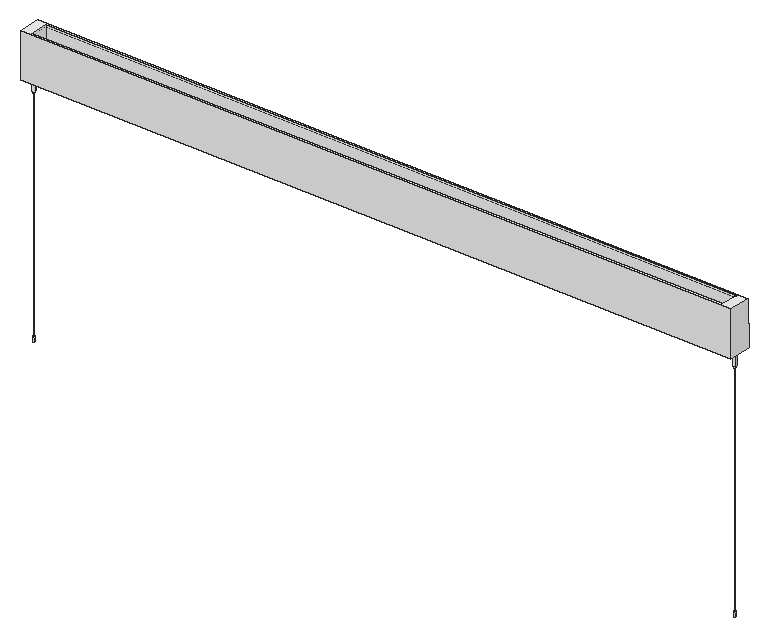
Revit family "2L-P-ID", category Lighting Fixtures, host Face, Revit 2014
Parameters (values of type "2L-P-ID-06")
  Watts = 12.1 W
  Wattage Comments = "Variable Intensity technology provides specifiable lumen output/wattage"  # constant formula
  Wattage = 12.2 W
  Warranty = "5 years Warranty"  # constant formula
  built-in parameter 1150110 = 1 (stored number, unit not read)
  Voltage = 120 V
  Uplight distribution = "Standard"
  URL = "https://www.hubbell.com/litecontrol/en/"
  built-in parameter 1114217 = 1 (stored number, unit not read)
  Tilt Angle = -90.00°
  built-in parameter 1150109 = 1 (stored number, unit not read)
  built-in parameter 1150134 = (empty or 0)
  built-in parameter 1150113 = 1 (stored number, unit not read)
  Reflector Finish = Hubbell - White Glass
  Product Link = "https://www.hubbell.com/litecontrol/en/Products/Lighting-Controls/Commercial-Indoor-Lighting/Pendant-Lighting/MOD-2L-LED-Pendant-IndirectDirect/p/2644687"
  Product Documentation Link = "https://hubbellcdn.com/specsheet/2L-P-ID.pdf"
  Power Factor = 1
  Photometric Web File = "2L-P-AD-4-ASYM-X-CX-35K-D030.ies"
  Pendent Height [instance] = 24"
  Model = "2L-P-ID"  # constant formula
  Max Length in Row = 2L-P : 06
  Manufacturer = "LITECONTROL"  # constant formula
  built-in parameter 1150105 = 87.376 (stored number, unit not read)
  Lumens = 1098 lm
  built-in parameter 1150115 = 1 (stored number, unit not read)
  Load Classification = Lighting
  built-in parameter 1150137 = (empty or 0)
  built-in parameter 1150139 = (empty or 0)
  built-in parameter 1150112 = 1 (stored number, unit not read)
  built-in parameter 1150114 = 1 (stored number, unit not read)
  Lamp = "LED"  # constant formula
  built-in parameter 1150132 = (empty or 0)
  built-in parameter 1150102 = (empty or 0)
  built-in parameter 1150107 = 3500 (stored number, unit not read)
  built-in parameter 1150138 = (empty or 0)
  built-in parameter 1150106 = 0.87376 (stored number, unit not read)
  Housing Material = Paint - Hubbell - Matte White
  Emit from Rectangle Width = 2"  # constant formula
  Emit from Rectangle Length = 24"  # constant formula
  Emit Shape Visible in Rendering = no
  built-in parameter 1150104 = 8.3613 (stored number, unit not read)
  Fixture distribution = "Indirect/Direct"  # constant formula
  Dimming Lamp Color Temperature Shift = <None>
  Description = "MOD 2 LED Pendant Indirect/Direct"  # constant formula
  Default Elevation = 48"
  Copyright = "Copyright © Litecontrol"  # constant formula
  Contact = "https://www.hubbell.com/litecontrol/en/contactUs"
  Connector Description = "Lighting Connector"  # constant formula
  Color Filter = 16777215
  built-in parameter 1114218 = 1 (stored number, unit not read)
  built-in parameter 1150133 = 10 (stored number, unit not read)
  Assembly Code = "D5020200"
  Apparent Load = Watts / Power Factor  # 12.1 VA
Types (7): name | Max Length in Row
  (no name) | 2L-P : 06
  2L-P-ID-02 | 2L-P : 02
  2L-P-ID-03 | 2L-P : 03
  2L-P-ID-04 | 2L-P : 04
  2L-P-ID-05 | 2L-P : 05
  2L-P-ID-06 | 2L-P : 06
  2L-P-ID-08 | 2L-P : 08
Reference planes (in)
  plane 1 "Center (Front/Back)": y = 0
  plane 2: z = 0
  plane 3 "Center (Left/Right)": x = 0
  plane 4: z = 24
  plane 5: z = 27.5
Dimensions and locks (in)
  "Pendent Height": plane 4 to plane 2
  locked: plane 5 to plane 4 at 3.5
  aligned and locked: plane 2 to host face
  aligned and locked: level to host face
  aligned and locked: plane 1 "Center (Front/Back)" to nested 1
  aligned and locked: plane 3 "Center (Left/Right)" to nested 1
  aligned and locked: plane 5 to imposter light
Automatic sketch dimensions
  host sketch curve to host sketch curve = 96"  (x2)
Nested families (in)
  nested 1: "2L-P" at (0, 0, 0), type <- "Max Length in Row", Pendent Height <- "Pendent Height", type "06"
    with Pendent Height 24"
Connectors (in)
  electrical at (0, 0, 24), driven by "Load Classification", driven by "Voltage", driven by "Apparent Load", driven by "Power Factor", driven by "Connector Description"
    settings: on nested 1, index 1, voltage 120 V, apparent load 12.1 VA, apparent load phase1 0 VA, apparent load phase2 0 VA, apparent load phase3 0 VA, power factor 1, load classification "Lighting", number of poles 1, system type 30, power factor state 1, is connector primary yes, connector utility no, sub classification motor no, connector description "Lighting Connector"
Definition of nested family "2L-P"
  Parameters (values of type "05")
    Width = 2.2"  # constant formula
    Wattage Comments = ""
    URL = ""
    Reflector Finish = Hubbell - White Glass
    Pendent Height [instance] = 12"
    Pendant Material = Paint - Hubbell - Matte White
    Model = ""
    Manufacturer = ""
    Load Classification = Lighting
    Length = 60"
    Lamp = ""
    Height = 4 1/2"  # constant formula
    Description = ""
    Default Elevation = 48"
    Apparent Load = 0 VA  # constant formula
  Types (6): name | Length
    02 | 24"
    03 | 36"
    04 | 48"
    05 | 60"
    08 | 96"
    06 | 72"
  Reference planes (in)
    plane 1 "Center (Front/Back)": y = 0
    plane 2: z = 0
    plane 3 "Center (Left/Right)": x = 0
    plane 4: x = -30
    plane 5: x = 30
    plane 6: y = -1.1
    plane 7: y = 1.1
    plane 8: z = 12
    plane 9: z = 16.25
    plane 10: x = 29.5
    plane 11: x = -29.5
    plane 12: z = 16.375
    plane 13: z = 16.25
    plane 14: z = 16.5
    plane 15: y = 0.85
    plane 16: y = -0.85
    plane 17: z = 12.125
    plane 18: y = 0.6
    plane 19: y = -0.6
    plane 20: x = -29
    plane 21: x = 29
  Forms (in)
    Extrusion 1, solid
      sketch origin (0, 0, 0) x (1, 0, 0) y (0, 1, 0)
        loop
          line (-48, 48) -> (-48, -48) -> (48, -48) -> (48, 48) -> (-48, 48)
      from 0 to -1.25
    Extrusion 2, solid, material "Paint - Hubbell - Matte White" <- "Pendant Material"
      sketch origin (-47.9375, 0, 0) x (0, 1, 0) y (0, 0, -1)
        loop
          line (1.1, -12) -> (-1.1, -12) -> (-1.1, -16.5) -> (1.1, -16.5) -> (1.1, -12)
      from -77.9375 to -17.9375
    Revolve 3, solid, material "Paint - Hubbell - Matte White" <- "Pendant Material"
      sketch origin (0, 0, 0) x (1, 0, 0) y (0, 0, 1)
        loop
          line (-29.5, 12) -> (-29.5, 0) -> (-29.40361, 0) -> (-29.40361, 0.42177) -> (-29.47196, 0.42177) -> (-29.47196, 10.57698) -> (-29.41672, 10.57698) -> (-29.41672, 10.7519) -> (-29.34307, 10.7519) -> (-29.34307, 12) -> (-29.5, 12)
        axis (-29.5, 12) -> (-29.5, 0)
      angle from 0 to 360
    Revolve 4, solid, material "Paint - Hubbell - Matte White" <- "Pendant Material"
      sketch origin (0, 0, 0) x (-1, 0, 0) y (0, 0, -1)
        loop
          line (-29.5, -12) -> (-29.34307, -12) -> (-29.34307, -10.7519) -> (-29.41672, -10.7519) -> (-29.41672, -10.57698) -> (-29.47196, -10.57698) -> (-29.47196, -0.42177) -> (-29.40361, -0.42177) -> (-29.40361, 0) -> (-29.5, 0) -> (-29.5, -12)
        axis (-29.5, -12) -> (-29.5, 0)
      angle from 0 to 360
    Extrusion 5, void
      sketch origin (0, 0, 0) x (0, 1, 0) y (0, 0, 1)
        loop
          line (0.85, 16.5) -> (-0.85, 16.5) -> (-0.85, 12.125) -> (-0.6, 12.125) -> (-0.6, 12) -> (0.6, 12) -> (0.6, 12.125) -> (0.85, 12.125) -> (0.85, 16.5)
      from -29 to 29
    Extrusion 6, solid, material "Hubbell - White Glass" <- "Reflector Finish"
      sketch origin (0, 0, 0) x (0, 1, 0) y (0, 0, 1)
        loop
          line (0.85, 16.375) -> (-0.85, 16.375) -> (-0.85, 12.125) -> (0.85, 12.125) -> (0.85, 16.375)
      from -29 to 29
  Cuts and joins
    Extrusion 5 cuts Extrusion 2
  Dimensions and locks (in)
    equal spacing: plane 4, plane 3 "Center (Left/Right)", plane 5
    "Length": plane 4 to plane 5
    equal spacing: plane 6, plane 1 "Center (Front/Back)", plane 7
    "Width": plane 7 to plane 6
    "Pendent Height": plane 8 to plane 2
    locked: plane 4 to plane 11 at 0.5
    locked: plane 10 to plane 5 at 0.5
    locked: plane 12 to plane 13 at 0.125
    "Height": plane 14 to plane 8
    locked: plane 14 to plane 12 at 0.125
    locked: plane 12 to plane 9 at 0.125
    locked: plane 7 to plane 15 at 0.25
    locked: plane 16 to plane 6 at 0.25
    locked: plane 17 to plane 8 at 0.125
    locked: plane 7 to plane 18 at 0.5
    locked: plane 19 to plane 6 at 0.5
    locked: plane 4 to plane 20 at 1
    locked: plane 21 to plane 5 at 1
    aligned and locked: plane 2 to Extrusion 1
    aligned and locked: level to Extrusion 1
    aligned and locked: Extrusion 2 sketch curve to plane 8
    aligned and locked: Extrusion 2 sketch curve to plane 6
    aligned and locked: Extrusion 2 sketch curve to plane 7
    aligned and locked: Extrusion 2 to plane 4
    aligned and locked: plane 5 to Extrusion 2
    aligned and locked: Extrusion 5 sketch curve to plane 15
    aligned and locked: plane 16 to Extrusion 5 sketch curve
    aligned and locked: Extrusion 5 sketch curve to plane 17
    aligned and locked: Extrusion 5 sketch curve to plane 14
    aligned and locked: Extrusion 5 sketch curve to plane 18
    aligned and locked: Extrusion 5 sketch curve to plane 19
    aligned and locked: Extrusion 5 sketch curve to plane 8
    aligned and locked: Extrusion 5 to plane 20
    aligned and locked: Extrusion 5 to plane 21
    aligned and locked: plane 12 to Extrusion 6 sketch curve
    aligned and locked: Extrusion 6 sketch curve to cut or joined group of Extrusion 2, Extrusion 5  (x2)
    aligned and locked: cut or joined group of Extrusion 2, Extrusion 5 to Extrusion 6 sketch curve
    aligned and locked: Extrusion 6 to cut or joined group of Extrusion 2, Extrusion 5  (x2)
  Automatic sketch dimensions
    Extrusion 1 sketch curve to Extrusion 1 sketch curve = 96"  (x2)
    Revolve 3 sketch curve to level = 0"
    Revolve 3 sketch curve to plane 11 = 0"  (x2)
    Revolve 3 sketch curve to plane 8 = 0"
    plane 11 to Revolve 3 sketch curve = 0.09639"
    level to Revolve 3 sketch curve = 0.42177"
    plane 11 to Revolve 3 sketch curve = 0.02804"
    Revolve 3 sketch curve to Revolve 3 sketch curve = 0.05524"
    Revolve 3 sketch curve to Revolve 3 sketch curve = 0.07365"
    Revolve 3 sketch curve to plane 8 = 1.42302"
    Revolve 3 sketch curve to Revolve 3 sketch curve = 0.17493"
    Revolve 3 sketch curve to Revolve 3 sketch curve = 9.16755"
    Revolve 4 sketch curve to level = 0"
    plane 10 to Revolve 4 sketch curve = 0"
    Revolve 4 sketch curve to plane 8 = 0"
    plane 10 to Revolve 4 sketch curve = 0.15693"
    Revolve 4 sketch curve to plane 8 = 1.2481"
    Revolve 4 sketch curve to plane 10 = 0"
    plane 10 to Revolve 4 sketch curve = 0.02804"
    Revolve 4 sketch curve to Revolve 4 sketch curve = 0.05524"
    Revolve 4 sketch curve to Revolve 4 sketch curve = 0.09639"
    Revolve 4 sketch curve to Revolve 4 sketch curve = 0.17493"
    level to Revolve 4 sketch curve = 0.42177"
    Revolve 4 sketch curve to Revolve 4 sketch curve = 9.16755"
    plane 12 to Extrusion 2 sketch curve = 1/8"
    plane 12 to Revolve 3 sketch curve = 85.65997"
    plane 12 to Revolve 4 sketch curve = 85.65997"
    plane 17 to Extrusion 5 sketch curve = 0"
